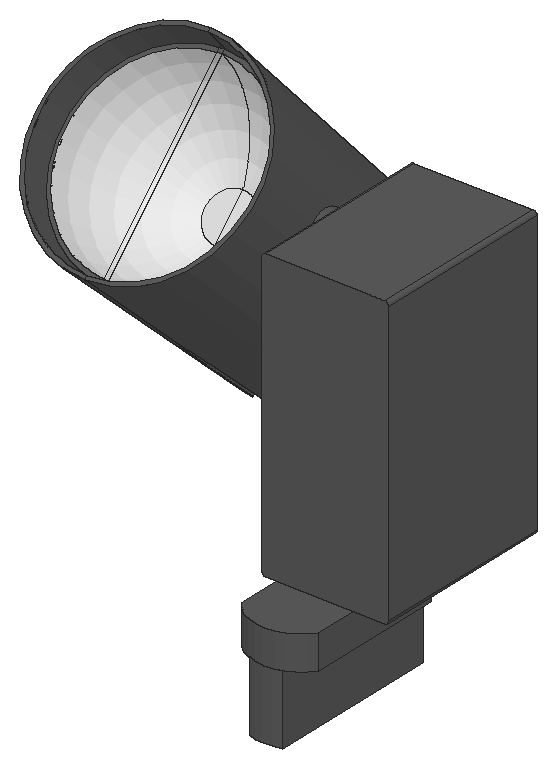
Revit family "0004947 Feilo Sylvania Lighting Fixture START TRACK SPOT S DALI 1359LM 940 MB BLK", category Lighting Fixtures, host Face, Revit 2017
Family settings
  Host = Face
  Round Connector Dimension = Use Diameter
  Part Type = Normal
  OmniClass Number = 23.80.70.00
  OmniClass Title = Lighting
  Cut with Voids When Loaded = No
  Light Source = No
  Shared = No
  Room Calculation Point = No
Parameters (values of type "0004947 START TRACK SPOT S DALI 1359LM 940 MB BLK")
  Weight = "0.94 kg"
  Wattage Comments = ""
  WarrantyStartDate [instance] = "n/a"
  WarrantyGuarantorParts = "n/a"
  WarrantyDurationUnit = "n/a"
  WarrantyDurationParts = "n/a"
  WarrantyDescription = "n/a"
  Voltage = 230 V
  URL = "http://www.sylvania-lighting.com/"
  TypeName = "START TRACK SPOT S DALI 1359LM 940 MB BLK"
  TypeHead_FEILO = Start Track Spot Head : 0004896 START TRACK SPOT S 14W 4K RA90 MB BLACK
  TypeBox_FEILO = Start Track Spot Box : Type Small Black
  Type Image = <None>
  Type Comments = "n/a"
  VerticalRotation_FEILO [instance] = 0.00°
  SlideEndAngle_FEILO [instance] = VerticalRotation_FEILO + 180.00°  # 180.00°
  SerialNumber [instance] = "n/a"
  Material_3_FEILO = none
  PowerFactor = 0.92
  PowerConsumption = "14 W"
  NominalLength = 0 mm
  NominalHeight = 200 mm
  NominalDepth = 140 mm
  Name = "START TRACK SPOT S DALI 1359LM 940 MB BLK"
  ModelReference = Name  # "START TRACK SPOT S DALI 1359LM 940 MB BLK"
  ModelNumber = "0004947"
  Model = Name  # "START TRACK SPOT S DALI 1359LM 940 MB BLK"
  Material = "adc12 aluminium housing, polycarbonate diffuser"
  ManufacturerName = "Feilo Sylvania"
  Manufacturer = "Feilo Sylvania"
  LuminousEfficacy = "97 lm/W"
  LuminaireType = ""
  LightOutputRatio = "100"
  LampsType = Lamp  # "LED"
  LampNominalLuminous = "1359 lm"
  LampMacAdamStep = "3"
  LampColourTemperature = "4000 K"
  LampColourRenderingIndex = "90"
  Lamp = "LED"
  Keynote = "16500"
  InstallationDate [instance] = "n/a"
  InputVoltage = "230-240V~"
  InputNominalFrequency = "50/60 Hz"
  IngressProtection = "IP20"
  ImpactProtectionIndex = "IK02"
  IfcExportType = "IfcLightFixtureType"
  IfcExportAs = "IfcLightFixtureType"
  HorizontalRotation_FEILO [instance] = 45.00°
  ExpectedLife = 50000
  ElectricShockClassification = "Class II"
  DurationUnit = "hours"
  DocumentationLiterature = "http://www.sylvania-lighting.com/product/en-int/products/0004896"
  DimmingControlOptions = "Dimmable"
  Material_2_FEILO = none
  Description = "Integrated LED spotlight, Textured Black - RAL9005, compact and minimalist design, ideal for retail applications, die-cast aluminium body, passive cooling heatsink. Beam angle: 36°, color temperature: 4000K , total system power: 14W, total fixture output: 1359 lm, LOR: 100%, colour rendering: Ra: 90 typical, LED Chromaticity: 3 step MacAdam ellipse, lifetime: >50000 hours at L70B50, energy class: A++, A+, A, IR/UV free light source without heat radiation, operating voltage: 220-240V / 50-60Hz, drive current: 350mA, electronic driver, non-dimmable, power factor: 0.92, electrical protection: Class II, Global Track 3 Phase adapter suitable for Global trac 3-circuit tracks, ingress protection rating: IP20, suitable for internal environment only, horizontal rotation: 355°, vertical tilt: 90°, dimensions: Ø86x140x200, weight: 0.940kg."
  Default Elevation = 1219.2 mm
  CreatedOn = "04/26/2018"
  CreatedBy = ""
  Cost = 0
  built-in parameter 1114216 [instance] = (empty or 0)
  ClassificationValue = "EF_70_80"
  ClassificationName = "Uniclass2015"
  Material_1_FEILO = Body-Sylvania-StartTrackSpot-Black
  BarCode [instance] = "n/a"
  AssetType = "Fixed"
  AssetIdentifier [instance] = "n/a"
  Assembly Code = "D5020200"
  Apparent Load = 14 VA
  Material_4_FEILO = none
Reference planes
  plane 1 "Center (Front/Back)": y = 0
  plane 2: z = 0
  plane 3 "Center (Left/Right)": x = 0
  plane 4: x = 15
  plane 5: x = -15
  plane 6: y = 35
  plane 7: y = -35
  plane 8: z = 13
  plane 9: z = -27
  plane 10: x = 6.5
  plane 11: x = -6.5
  plane 12: y = 27
  plane 13: y = -27
  plane 14: y = 20
Forms (mm)
  Extrusion 1, solid, material "Body-Sylvania-StartTrackSpot-Black" <- "Material_1_FEILO"
    sketch origin (0, 0, 0) x (1, 0, 0) y (0, 1, 0)
      loop
        line (-15, 27) -> (-15, -27)
        arc (-15, -27) -> (0, -35) -> (15, -27) r 18.062
        line (15, -27) -> (15, 27)
        arc (15, 27) -> (0, 35) -> (-15, 27) r 18.062
    from 0 to 13
  Extrusion 2, solid, material "Body-Sylvania-StartTrackSpot-Black" <- "Material_1_FEILO"
    sketch origin (0, 0, 0) x (1, 0, 0) y (0, 1, 0)
      loop
        arc (6.5, 33.79) -> (0, 35) -> (-6.5, 33.79) r 18.062
        line (-6.5, 33.79) -> (-6.5, -33.79)
        arc (-6.5, -33.79) -> (0, -35) -> (6.5, -33.79) r 18.062
        line (6.5, -33.79) -> (6.5, 33.79)
    from 0 to -27
  Revolve 3, solid, not visible
    sketch origin (1524, 20, 1219.2) x (1, 0, 0) y (0, 0, 1)
      loop
        line (-1524, -1206.2) -> (-1524, -1191.285) -> (-1530.5, -1191.285) -> (-1530.5, -1206.2) -> (-1524, -1206.2)
      axis (-1524, -1191.285) -> (-1524, -1206.2)
    angle from 0 <- "VerticalRotation_FEILO" to 180 <- "SlideEndAngle_FEILO"
Cuts and joins
  joined: Extrusion 1, Extrusion 2
Dimensions and locks
  equal spacing: plane 10, plane 3 "Center (Left/Right)", plane 11
  equal spacing: plane 4, plane 3 "Center (Left/Right)", plane 5
  locked: plane 8 to plane 2 at 13
  locked: plane 8 to plane 9 at 40
  equal spacing: plane 13, plane 1 "Center (Front/Back)", plane 12
  locked: plane 12 to plane 6 at 8
  locked: plane 14 to plane 6 at 15
  locked: Revolve 3 sketch curve to plane 8 at 14.915
  aligned and locked: plane 2 to host face
  aligned and locked: level to host face
  aligned and locked: plane 5 to Extrusion 1 sketch curve  (x2)
  aligned and locked: plane 12 to Extrusion 1 sketch curve
  aligned and locked: plane 13 to Extrusion 1 sketch curve
  aligned and locked: plane 4 to Extrusion 1 sketch curve
  aligned and locked: Extrusion 1 to plane 8
  aligned and locked: Extrusion 1 to level
  aligned and locked: Extrusion 2 sketch curve to Extrusion 1  (x2)
  aligned and locked: Extrusion 2 sketch curve to plane 11
  aligned and locked: plane 10 to Extrusion 2 sketch curve
  aligned and locked: plane 9 to Extrusion 2
  aligned and locked: level to Extrusion 2
  aligned and locked: Revolve 3 sketch curve to plane 3 "Center (Left/Right)"  (x2)
  aligned and locked: plane 11 to Revolve 3 sketch curve
  aligned and locked: Revolve 3 sketch curve to plane 8
Automatic sketch dimensions
  host sketch curve to host sketch curve = 2438.4 mm  (x2)
  Extrusion 1 sketch curve to plane 3 "Center (Left/Right)" = 0 mm  (x2)
  Extrusion 1 sketch curve to plane 13 = 10.062 mm
  plane 12 to Extrusion 1 sketch curve = 10.062 mm
  Revolve 3 sketch curve to plane 3 "Center (Left/Right)" = 0 mm
  plane 9 to Revolve 3 sketch curve = 582.6 mm
  Revolve 3 sketch curve to Revolve 3 sketch curve = 2581.144 mm
Nested families
  nested 1: "Start Track Spot Head" at (-62, 20, 112.529) x (0, 0.7071, 0.7071) z (0, 0.7071, -0.7071), type <- "TypeHead_FEILO", type "0004896 START TRACK SPOT S 14W 4K RA90 MB BLACK"
    with built-in parameter 1114216 (empty or 0)
  nested 2: "Start Track Spot Box" at (8.5, 20, 73) x (-1, 0, 0) z (0, -1, 0), BoxStartAngle_FEILO <- "HorizontalRotation_FEILO", type <- "TypeBox_FEILO", type "Type Small Black"
    with BoxStartAngle_FEILO 45.00°, BoxEndAngle_FEILO -135.00°
Connectors
  electrical at (0, 0, 0), driven by "Apparent Load", driven by "PowerFactor", driven by "Voltage"
    settings: index 1, voltage 230 V, apparent load 14 VA, apparent load phase1 0 VA, apparent load phase2 0 VA, apparent load phase3 0 VA, power factor 0.92, load classification "Lighting", number of poles 1, system type 30, power factor state 1, is connector primary yes, connector utility no, sub classification motor no, connector description ""
Definition of nested family "Start Track Spot Head"
  Parameters (values of type "0004811 START TRACK SPOT S 14W 3K RA80 NB WHITE")
    Wattage Comments = "n/a"
    Wattage = 14 W
    built-in parameter 1150110 = 1 (stored number, unit not read)
    URL = "http://www.feilosylvania.com"
    Type Image = (empty or 0)
    Type Comments = "n/a"
    built-in parameter 1114217 = 1 (stored number, unit not read)
    Tilt Angle = -90.00°
    built-in parameter 1150109 = 1 (stored number, unit not read)
    built-in parameter 1150134 = (empty or 0)
    built-in parameter 1150113 = 1 (stored number, unit not read)
    Photometric Web File = "0004811.ies"
    Material_3_FEILO = none
    Model = "START TRACK SPOT S 14W 3K RA80 NB WHITE"
    Manufacturer = "Feilo Sylvania"
    built-in parameter 1150105 = 123.66 (stored number, unit not read)
    Lumens = 1554 lm
    built-in parameter 1150115 = 1 (stored number, unit not read)
    built-in parameter 1150137 = (empty or 0)
    built-in parameter 1150139 = (empty or 0)
    built-in parameter 1150112 = 1 (stored number, unit not read)
    built-in parameter 1150114 = 1 (stored number, unit not read)
    Lamp = "LED"
    Keynote = "16500"
    Material_2_FEILO = none
    built-in parameter 1150132 = (empty or 0)
    built-in parameter 1150102 = (empty or 0)
    built-in parameter 1150107 = 3000 (stored number, unit not read)
    built-in parameter 1150138 = (empty or 0)
    built-in parameter 1150106 = 1.2366 (stored number, unit not read)
    HeadThickness_FEILO = if(HeadDiaOut_FEILO > 112 mm, 2 mm, 1.5 mm)  # 1.5 mm
    HeadRibOffset_FEILO = HeadHeight_FEILO / 28  # 4.179 mm
    HeadRibDepth_FEILO = HeadHeight_FEILO / 2.1  # 55.714 mm
    HeadRibCutWidth_FEILO = HeadDiaOut_FEILO / 12  # 7.167 mm
    HeadRibCutOffset_FEILO = HeadHeight_FEILO / 2.3  # 50.87 mm
    HeadReflectorRadius_FEILO = HeadDiaOut_FEILO / 1.7  # 50.588 mm
    HeadReflectorOffset_FEILO = HeadHeight_FEILO / 2.1  # 55.714 mm
    HeadLEDRadius_FEILO = HeadDiaOut_FEILO / 9  # 9.556 mm
    HeadHeight_FEILO = 117 mm
    HeadDraft_FEILO = 1 mm
    HeadDiffusorThickness_FEILO = 3 mm
    HeadDiffusorOffset_FEILO = HeadHeight_FEILO / 12.4  # 9.435 mm
    HeadDiaOut_FEILO = 86 mm
    HeadDiaIn_FEILO = HeadDiaOut_FEILO / 1.11  # 77.477 mm
    HeadAxisFromTop_FEILO = HeadHeight_FEILO / 1.687  # 69.354 mm
    Emit from Circle Diameter = HeadDiaIn_FEILO  # 77.477 mm
    Emit Shape Visible in Rendering = no
    built-in parameter 1150104 = 10.312 (stored number, unit not read)
    Dimming Lamp Color Temperature Shift = (empty or 0)
    Description = "Integrated LED spotlight, Textured White - RAL9016, compact and minimalist design, ideal for retail applications, die-cast aluminium body, passive cooling heatsink. Beam angle: 12°, color temperature: 3000K , total system power: 14W, total fixture output: 1551 lm, LOR: 100%, colour rendering: Ra: 80 typical, LED Chromaticity: 3 step MacAdam ellipse, lifetime: >50000 hours at L70B50, energy class: A++, A+, A, IR/UV free light source without heat radiation, operating voltage: 220-240V / 50-60Hz, drive current: 350mA, electronic driver, non-dimmable, power factor: 0.92, electrical protection: Class II, Global Track 3 Phase adapter suitable for Global trac 3-circuit tracks, ingress protection rating: IP20, suitable for internal environment only, horizontal rotation: 355°, vertical tilt: 90°, dimensions: Ø86x140x200, weight: 0.940kg."
    Default Elevation = 1219.2 mm
    Cost = 0
    Color Filter = 16777215
    built-in parameter 1114216 [instance] = (empty or 0)
    Material_1_FEILO = none
    built-in parameter 1114218 = 1 (stored number, unit not read)
    built-in parameter 1150133 = 10 (stored number, unit not read)
    Assembly Code = "D5020200"
    Apparent Load = 14 VA
    Material_4_FEILO = none
  Types (96, lengths in mm): name | Wattage | built-in parameter 1150134 | Photometric Web File | Model | built-in parameter 1150105 | Lumens | built-in parameter 1150107 | built-in parameter 1150106 | HeadThickness_FEILO | HeadRibOffset_FEILO | HeadRibDepth_FEILO | HeadRibCutWidth_FEILO | HeadRibCutOffset_FEILO | HeadReflectorRadius_FEILO | HeadReflectorOffset_FEILO | HeadLEDRadius_FEILO | HeadHeight_FEILO | HeadDiffusorOffset_FEILO | HeadDiaOut_FEILO | HeadDiaIn_FEILO | HeadAxisFromTop_FEILO | Emit from Circle Diameter | built-in parameter 1150104 | Description | Apparent Load
    0004906 START TRACK SPOT L 55W 4K RA90 WB BLACK | 55 W | 12 | "0004906.ies" | "START TRACK SPOT L 55W 4K RA90 WB BLACK" | 385.15 (stored number, unit not read) | 4840 lm | 4000 (stored number, unit not read) | 3.8515 (stored number, unit not read) | 2 | 4.429 | 59.048 | 9.417 | 53.913 | 66.471 | 59.048 | 12.556 | 124 | 10 | 113 | 101.802 | 73.503 | 101.802 | 8.1755 (stored number, unit not read) | "Integrated LED spotlight, Textured Black - RAL9005, compact and minimalist design, ideal for retail applications, die-cast aluminium body, passive cooling heatsink. Beam angle: 52°, color temperature: 4000K , total system power: 55W, total fixture output: 4824 lm, LOR: 100%, colour rendering: Ra: 90 typical, LED Chromaticity: 3 step MacAdam ellipse, lifetime: >50000 hours at L70B50, energy class: A++, A+, A, IR/UV free light source without heat radiation, operating voltage: 220-240V / 50-60Hz, drive current: 1400mA, electronic driver, non-dimmable, power factor: 0.96, electrical protection: Class II, Global Track 3 Phase adapter suitable for Global trac 3-circuit tracks, ingress protection rating: IP20, suitable for internal environment only, horizontal rotation: 355°, vertical tilt: 90°, dimensions: Ø113x164x240, weight: 1.398kg." | 55 VA
    0004905 START TRACK SPOT L 55W 4K RA90 MB BLACK | 55 W | 12 | "0004905.ies" | "START TRACK SPOT L 55W 4K RA90 MB BLACK" | 389.53 (stored number, unit not read) | 4895 lm | 4000 (stored number, unit not read) | 3.8953 (stored number, unit not read) | 2 | 4.429 | 59.048 | 9.417 | 53.913 | 66.471 | 59.048 | 12.556 | 124 | 10 | 113 | 101.802 | 73.503 | 101.802 | 8.2684 (stored number, unit not read) | "Integrated LED spotlight, Textured Black - RAL9005, compact and minimalist design, ideal for retail applications, die-cast aluminium body, passive cooling heatsink. Beam angle: 38°, color temperature: 4000K , total system power: 55W, total fixture output: 4897 lm, LOR: 100%, colour rendering: Ra: 90 typical, LED Chromaticity: 3 step MacAdam ellipse, lifetime: >50000 hours at L70B50, energy class: A++, A+, A, IR/UV free light source without heat radiation, operating voltage: 220-240V / 50-60Hz, drive current: 1400mA, electronic driver, non-dimmable, power factor: 0.96, electrical protection: Class II, Global Track 3 Phase adapter suitable for Global trac 3-circuit tracks, ingress protection rating: IP20, suitable for internal environment only, horizontal rotation: 355°, vertical tilt: 90°, dimensions: Ø113x164x240, weight: 1.398kg." | 55 VA
    0004904 START TRACK SPOT L 55W 4K RA90 NB BLACK | 55 W | 12 | "0004904.ies" | "START TRACK SPOT L 55W 4K RA90 NB BLACK" | 393.91 (stored number, unit not read) | 4950 lm | 4000 (stored number, unit not read) | 3.9391 (stored number, unit not read) | 2 | 4.429 | 59.048 | 9.417 | 53.913 | 66.471 | 59.048 | 12.556 | 124 | 10 | 113 | 101.802 | 73.503 | 101.802 | 8.3613 (stored number, unit not read) | "Integrated LED spotlight, Textured Black - RAL9005, compact and minimalist design, ideal for retail applications, die-cast aluminium body, passive cooling heatsink. Beam angle: 15°, color temperature: 4000K , total system power: 55W, total fixture output: 4965 lm, LOR: 100%, colour rendering: Ra: 90 typical, LED Chromaticity: 3 step MacAdam ellipse, lifetime: >50000 hours at L70B50, energy class: A++, A+, A, IR/UV free light source without heat radiation, operating voltage: 220-240V / 50-60Hz, drive current: 1400mA, electronic driver, non-dimmable, power factor: 0.96, electrical protection: Class II, Global Track 3 Phase adapter suitable for Global trac 3-circuit tracks, ingress protection rating: IP20, suitable for internal environment only, horizontal rotation: 355°, vertical tilt: 90°, dimensions: Ø113x164x240, weight: 1.398kg." | 55 VA
    0004903 START TRACK SPOT L 35W 4K RA90 WB BLACK | 35 W | 12 | "0004903.ies" | "START TRACK SPOT L 35W 4K RA90 WB BLACK" | 284.09 (stored number, unit not read) | 3570 lm | 4000 (stored number, unit not read) | 2.8409 (stored number, unit not read) | 2 | 4.429 | 59.048 | 9.417 | 53.913 | 66.471 | 59.048 | 12.556 | 124 | 10 | 113 | 101.802 | 73.503 | 101.802 | 9.4761 (stored number, unit not read) | "Integrated LED spotlight, Textured Black - RAL9005, compact and minimalist design, ideal for retail applications, die-cast aluminium body, passive cooling heatsink. Beam angle: 52°, color temperature: 4000K , total system power: 35W, total fixture output: 3562 lm, LOR: 100%, colour rendering: Ra: 90 typical, LED Chromaticity: 3 step MacAdam ellipse, lifetime: >50000 hours at L70B50, energy class: A++, A+, A, IR/UV free light source without heat radiation, operating voltage: 220-240V / 50-60Hz, drive current: 900mA, electronic driver, non-dimmable, power factor: 0.93, electrical protection: Class II, Global Track 3 Phase adapter suitable for Global trac 3-circuit tracks, ingress protection rating: IP20, suitable for internal environment only, horizontal rotation: 355°, vertical tilt: 90°, dimensions: Ø113x164x240, weight: 1.368kg." | 35 VA
    0004902 START TRACK SPOT L 35W 4K RA90 MB BLACK | 35 W | 12 | "0004902.ies" | "START TRACK SPOT L 35W 4K RA90 MB BLACK" | 286.88 (stored number, unit not read) | 3605 lm | 4000 (stored number, unit not read) | 2.8688 (stored number, unit not read) | 2 | 4.429 | 59.048 | 9.417 | 53.913 | 66.471 | 59.048 | 12.556 | 124 | 10 | 113 | 101.802 | 73.503 | 101.802 | 9.569 (stored number, unit not read) | "Integrated LED spotlight, Textured Black - RAL9005, compact and minimalist design, ideal for retail applications, die-cast aluminium body, passive cooling heatsink. Beam angle: 38°, color temperature: 4000K , total system power: 35W, total fixture output: 3616 lm, LOR: 100%, colour rendering: Ra: 90 typical, LED Chromaticity: 3 step MacAdam ellipse, lifetime: >50000 hours at L70B50, energy class: A++, A+, A, IR/UV free light source without heat radiation, operating voltage: 220-240V / 50-60Hz, drive current: 900mA, electronic driver, non-dimmable, power factor: 0.93, electrical protection: Class II, Global Track 3 Phase adapter suitable for Global trac 3-circuit tracks, ingress protection rating: IP20, suitable for internal environment only, horizontal rotation: 355°, vertical tilt: 90°, dimensions: Ø113x164x240, weight: 1.368kg." | 35 VA
    0004901 START TRACK SPOT L 35W 4K RA90 NB BLACK | 35 W | 12 | "0004901.ies" | "START TRACK SPOT L 35W 4K RA90 NB BLACK" | 286.88 (stored number, unit not read) | 3605 lm | 4000 (stored number, unit not read) | 2.8688 (stored number, unit not read) | 2 | 4.429 | 59.048 | 9.417 | 53.913 | 66.471 | 59.048 | 12.556 | 124 | 10 | 113 | 101.802 | 73.503 | 101.802 | 9.569 (stored number, unit not read) | "Integrated LED spotlight, Textured Black - RAL9005, compact and minimalist design, ideal for retail applications, die-cast aluminium body, passive cooling heatsink. Beam angle: 15°, color temperature: 4000K , total system power: 35W, total fixture output: 3593 lm, LOR: 100%, colour rendering: Ra: 90 typical, LED Chromaticity: 3 step MacAdam ellipse, lifetime: >50000 hours at L70B50, energy class: A++, A+, A, IR/UV free light source without heat radiation, operating voltage: 220-240V / 50-60Hz, drive current: 900mA, electronic driver, non-dimmable, power factor: 0.93, electrical protection: Class II, Global Track 3 Phase adapter suitable for Global trac 3-circuit tracks, ingress protection rating: IP20, suitable for internal environment only, horizontal rotation: 355°, vertical tilt: 90°, dimensions: Ø113x164x240, weight: 1.368kg." | 35 VA
    0004900 START TRACK SPOT S 24W 4K RA90 WB BLACK | 24 W | 12 | "0004900.ies" | "START TRACK SPOT S 24W 4K RA90 WB BLACK" | 166.16 (stored number, unit not read) | 2088 lm | 4000 (stored number, unit not read) | 1.6616 (stored number, unit not read) | 1.5 | 4.179 | 55.714 | 7.167 | 50.87 | 50.588 | 55.714 | 9.556 | 117 | 9.435 | 86 | 77.477 | 69.354 | 77.477 | 8.0826 (stored number, unit not read) | "Integrated LED spotlight, Textured Black - RAL9005, compact and minimalist design, ideal for retail applications, die-cast aluminium body, passive cooling heatsink. Beam angle: 64°, color temperature: 4000K , total system power: 24W, total fixture output: 2087 lm, LOR: 100%, colour rendering: Ra: 90 typical, LED Chromaticity: 3 step MacAdam ellipse, lifetime: >50000 hours at L70B50, energy class: A++, A+, A, IR/UV free light source without heat radiation, operating voltage: 220-240V / 50-60Hz, drive current: 600mA, electronic driver, non-dimmable, power factor: 0.95, electrical protection: Class II, Global Track 3 Phase adapter suitable for Global trac 3-circuit tracks, ingress protection rating: IP20, suitable for internal environment only, horizontal rotation: 355°, vertical tilt: 90°, dimensions: Ø86x140x200, weight: 0.966kg." | 24 VA
    0004899 START TRACK SPOT S 24W 4K RA90 MB BLACK | 24 W | 12 | "0004899.ies" | "START TRACK SPOT S 24W 4K RA90 MB BLACK" | 169.98 (stored number, unit not read) | 2136 lm | 4000 (stored number, unit not read) | 1.6998 (stored number, unit not read) | 1.5 | 4.179 | 55.714 | 7.167 | 50.87 | 50.588 | 55.714 | 9.556 | 117 | 9.435 | 86 | 77.477 | 69.354 | 77.477 | 8.2684 (stored number, unit not read) | "Integrated LED spotlight, Textured Black - RAL9005, compact and minimalist design, ideal for retail applications, die-cast aluminium body, passive cooling heatsink. Beam angle: 36°, color temperature: 4000K , total system power: 24W, total fixture output: 2141 lm, LOR: 100%, colour rendering: Ra: 90 typical, LED Chromaticity: 3 step MacAdam ellipse, lifetime: >50000 hours at L70B50, energy class: A++, A+, A, IR/UV free light source without heat radiation, operating voltage: 220-240V / 50-60Hz, drive current: 600mA, electronic driver, non-dimmable, power factor: 0.95, electrical protection: Class II, Global Track 3 Phase adapter suitable for Global trac 3-circuit tracks, ingress protection rating: IP20, suitable for internal environment only, horizontal rotation: 355°, vertical tilt: 90°, dimensions: Ø86x140x200, weight: 0.966kg." | 24 VA
    0004898 START TRACK SPOT S 24W 4K RA90 NB BLACK | 24 W | 12 | "0004898.ies" | "START TRACK SPOT S 24W 4K RA90 NB BLACK" | 171.89 (stored number, unit not read) | 2160 lm | 4000 (stored number, unit not read) | 1.7189 (stored number, unit not read) | 1.5 | 4.179 | 55.714 | 7.167 | 50.87 | 50.588 | 55.714 | 9.556 | 117 | 9.435 | 86 | 77.477 | 69.354 | 77.477 | 8.3613 (stored number, unit not read) | "Integrated LED spotlight, Textured Black - RAL9005, compact and minimalist design, ideal for retail applications, die-cast aluminium body, passive cooling heatsink. Beam angle: 12°, color temperature: 4000K , total system power: 24W, total fixture output: 2155 lm, LOR: 100%, colour rendering: Ra: 90 typical, LED Chromaticity: 3 step MacAdam ellipse, lifetime: >50000 hours at L70B50, energy class: A++, A+, A, IR/UV free light source without heat radiation, operating voltage: 220-240V / 50-60Hz, drive current: 600mA, electronic driver, non-dimmable, power factor: 0.95, electrical protection: Class II, Global Track 3 Phase adapter suitable for Global trac 3-circuit tracks, ingress protection rating: IP20, suitable for internal environment only, horizontal rotation: 355°, vertical tilt: 90°, dimensions: Ø86x140x200, weight: 0.966kg." | 24 VA
    0004897 START TRACK SPOT S 14W 4K RA90 WB BLACK | 14 W | 12 | "0004897.ies" | "START TRACK SPOT S 14W 4K RA90 WB BLACK" | 108.07 (stored number, unit not read) | 1358 lm | 4000 (stored number, unit not read) | 1.0807 (stored number, unit not read) | 1.5 | 4.179 | 55.714 | 7.167 | 50.87 | 50.588 | 55.714 | 9.556 | 117 | 9.435 | 86 | 77.477 | 69.354 | 77.477 | 9.0116 (stored number, unit not read) | "Integrated LED spotlight, Textured Black - RAL9005, compact and minimalist design, ideal for retail applications, die-cast aluminium body, passive cooling heatsink. Beam angle: 64°, color temperature: 4000K , total system power: 14W, total fixture output: 1352 lm, LOR: 100%, colour rendering: Ra: 90 typical, LED Chromaticity: 3 step MacAdam ellipse, lifetime: >50000 hours at L70B50, energy class: A++, A+, A, IR/UV free light source without heat radiation, operating voltage: 220-240V / 50-60Hz, drive current: 350mA, electronic driver, non-dimmable, power factor: 0.92, electrical protection: Class II, Global Track 3 Phase adapter suitable for Global trac 3-circuit tracks, ingress protection rating: IP20, suitable for internal environment only, horizontal rotation: 355°, vertical tilt: 90°, dimensions: Ø86x140x200, weight: 0.940kg." | 14 VA
    0004896 START TRACK SPOT S 14W 4K RA90 MB BLACK | 14 W | 12 | "0004896.ies" | "START TRACK SPOT S 14W 4K RA90 MB BLACK" | 108.07 (stored number, unit not read) | 1358 lm | 4000 (stored number, unit not read) | 1.0807 (stored number, unit not read) | 1.5 | 4.179 | 55.714 | 7.167 | 50.87 | 50.588 | 55.714 | 9.556 | 117 | 9.435 | 86 | 77.477 | 69.354 | 77.477 | 9.0116 (stored number, unit not read) | "Integrated LED spotlight, Textured Black - RAL9005, compact and minimalist design, ideal for retail applications, die-cast aluminium body, passive cooling heatsink. Beam angle: 36°, color temperature: 4000K , total system power: 14W, total fixture output: 1359 lm, LOR: 100%, colour rendering: Ra: 90 typical, LED Chromaticity: 3 step MacAdam ellipse, lifetime: >50000 hours at L70B50, energy class: A++, A+, A, IR/UV free light source without heat radiation, operating voltage: 220-240V / 50-60Hz, drive current: 350mA, electronic driver, non-dimmable, power factor: 0.92, electrical protection: Class II, Global Track 3 Phase adapter suitable for Global trac 3-circuit tracks, ingress protection rating: IP20, suitable for internal environment only, horizontal rotation: 355°, vertical tilt: 90°, dimensions: Ø86x140x200, weight: 0.940kg." | 14 VA
    0004895 START TRACK SPOT S 14W 4K RA90 NB BLACK | 14 W | 12 | "0004895.ies" | "START TRACK SPOT S 14W 4K RA90 NB BLACK" | 106.95 (stored number, unit not read) | 1344 lm | 4000 (stored number, unit not read) | 1.0695 (stored number, unit not read) | 1.5 | 4.179 | 55.714 | 7.167 | 50.87 | 50.588 | 55.714 | 9.556 | 117 | 9.435 | 86 | 77.477 | 69.354 | 77.477 | 8.9187 (stored number, unit not read) | "Integrated LED spotlight, Textured Black - RAL9005, compact and minimalist design, ideal for retail applications, die-cast aluminium body, passive cooling heatsink. Beam angle: 12°, color temperature: 4000K , total system power: 14W, total fixture output: 1349 lm, LOR: 100%, colour rendering: Ra: 90 typical, LED Chromaticity: 3 step MacAdam ellipse, lifetime: >50000 hours at L70B50, energy class: A++, A+, A, IR/UV free light source without heat radiation, operating voltage: 220-240V / 50-60Hz, drive current: 350mA, electronic driver, non-dimmable, power factor: 0.92, electrical protection: Class II, Global Track 3 Phase adapter suitable for Global trac 3-circuit tracks, ingress protection rating: IP20, suitable for internal environment only, horizontal rotation: 355°, vertical tilt: 90°, dimensions: Ø86x140x200, weight: 0.940kg." | 14 VA
    0004894 START TRACK SPOT L 55W 3K RA90 WB BLACK | 55 W | (empty or 0) | "0004894.ies" | "START TRACK SPOT L 55W 3K RA90 WB BLACK" | 350.14 (stored number, unit not read) | 4400 lm | 3000 (stored number, unit not read) | 3.5014 (stored number, unit not read) | 2 | 4.429 | 59.048 | 9.417 | 53.913 | 66.471 | 59.048 | 12.556 | 124 | 10 | 113 | 101.802 | 73.503 | 101.802 | 7.4322 (stored number, unit not read) | "Integrated LED spotlight, Textured Black - RAL9005, compact and minimalist design, ideal for retail applications, die-cast aluminium body, passive cooling heatsink. Beam angle: 52°, color temperature: 3000K , total system power: 55W, total fixture output: 4405 lm, LOR: 100%, colour rendering: Ra: 90 typical, LED Chromaticity: 3 step MacAdam ellipse, lifetime: >50000 hours at L70B50, energy class: A++, A+, A, IR/UV free light source without heat radiation, operating voltage: 220-240V / 50-60Hz, drive current: 1400mA, electronic driver, non-dimmable, power factor: 0.96, electrical protection: Class II, Global Track 3 Phase adapter suitable for Global trac 3-circuit tracks, ingress protection rating: IP20, suitable for internal environment only, horizontal rotation: 355°, vertical tilt: 90°, dimensions: Ø113x164x240, weight: 1.398kg." | 55 VA
    0004893 START TRACK SPOT L 55W 3K RA90 MB BLACK | 55 W | (empty or 0) | "0004893.ies" | "START TRACK SPOT L 55W 3K RA90 MB BLACK" | 354.52 (stored number, unit not read) | 4455 lm | 3000 (stored number, unit not read) | 3.5452 (stored number, unit not read) | 2 | 4.429 | 59.048 | 9.417 | 53.913 | 66.471 | 59.048 | 12.556 | 124 | 10 | 113 | 101.802 | 73.503 | 101.802 | 7.5251 (stored number, unit not read) | "Integrated LED spotlight, Textured Black - RAL9005, compact and minimalist design, ideal for retail applications, die-cast aluminium body, passive cooling heatsink. Beam angle: 38°, color temperature: 3000K , total system power: 55W, total fixture output: 4448 lm, LOR: 100%, colour rendering: Ra: 90 typical, LED Chromaticity: 3 step MacAdam ellipse, lifetime: >50000 hours at L70B50, energy class: A++, A+, A, IR/UV free light source without heat radiation, operating voltage: 220-240V / 50-60Hz, drive current: 1400mA, electronic driver, non-dimmable, power factor: 0.96, electrical protection: Class II, Global Track 3 Phase adapter suitable for Global trac 3-circuit tracks, ingress protection rating: IP20, suitable for internal environment only, horizontal rotation: 355°, vertical tilt: 90°, dimensions: Ø113x164x240, weight: 1.398kg." | 55 VA
    0004892 START TRACK SPOT L 55W 3K RA90 NB BLACK | 55 W | (empty or 0) | "0004892.ies" | "START TRACK SPOT L 55W 3K RA90 NB BLACK" | 350.14 (stored number, unit not read) | 4400 lm | 3000 (stored number, unit not read) | 3.5014 (stored number, unit not read) | 2 | 4.429 | 59.048 | 9.417 | 53.913 | 66.471 | 59.048 | 12.556 | 124 | 10 | 113 | 101.802 | 73.503 | 101.802 | 7.4322 (stored number, unit not read) | "Integrated LED spotlight, Textured Black - RAL9005, compact and minimalist design, ideal for retail applications, die-cast aluminium body, passive cooling heatsink. Beam angle: 15°, color temperature: 3000K , total system power: 55W, total fixture output: 4416 lm, LOR: 100%, colour rendering: Ra: 90 typical, LED Chromaticity: 3 step MacAdam ellipse, lifetime: >50000 hours at L70B50, energy class: A++, A+, A, IR/UV free light source without heat radiation, operating voltage: 220-240V / 50-60Hz, drive current: 1400mA, electronic driver, non-dimmable, power factor: 0.96, electrical protection: Class II, Global Track 3 Phase adapter suitable for Global trac 3-circuit tracks, ingress protection rating: IP20, suitable for internal environment only, horizontal rotation: 355°, vertical tilt: 90°, dimensions: Ø113x164x240, weight: 1.398kg." | 55 VA
    0004891 START TRACK SPOT L 35W 3K RA90 WB BLACK | 35 W | (empty or 0) | "0004891.ies" | "START TRACK SPOT L 35W 3K RA90 WB BLACK" | 259.02 (stored number, unit not read) | 3255 lm | 3000 (stored number, unit not read) | 2.5902 (stored number, unit not read) | 2 | 4.429 | 59.048 | 9.417 | 53.913 | 66.471 | 59.048 | 12.556 | 124 | 10 | 113 | 101.802 | 73.503 | 101.802 | 8.64 (stored number, unit not read) | "Integrated LED spotlight, Textured Black - RAL9005, compact and minimalist design, ideal for retail applications, die-cast aluminium body, passive cooling heatsink. Beam angle: 52°, color temperature: 3000K , total system power: 35W, total fixture output: 3260 lm, LOR: 100%, colour rendering: Ra: 90 typical, LED Chromaticity: 3 step MacAdam ellipse, lifetime: >50000 hours at L70B50, energy class: A++, A+, A, IR/UV free light source without heat radiation, operating voltage: 220-240V / 50-60Hz, drive current: 900mA, electronic driver, non-dimmable, power factor: 0.93, electrical protection: Class II, Global Track 3 Phase adapter suitable for Global trac 3-circuit tracks, ingress protection rating: IP20, suitable for internal environment only, horizontal rotation: 355°, vertical tilt: 90°, dimensions: Ø113x164x240, weight: 1.368kg." | 35 VA
    0004890 START TRACK SPOT L 35W 3K RA90 MB BLACK | 35 W | (empty or 0) | "0004890.ies" | "START TRACK SPOT L 35W 3K RA90 MB BLACK" | 261.81 (stored number, unit not read) | 3290 lm | 3000 (stored number, unit not read) | 2.6181 (stored number, unit not read) | 2 | 4.429 | 59.048 | 9.417 | 53.913 | 66.471 | 59.048 | 12.556 | 124 | 10 | 113 | 101.802 | 73.503 | 101.802 | 8.7329 (stored number, unit not read) | "Integrated LED spotlight, Textured Black - RAL9005, compact and minimalist design, ideal for retail applications, die-cast aluminium body, passive cooling heatsink. Beam angle: 38°, color temperature: 3000K , total system power: 35W, total fixture output: 3306 lm, LOR: 100%, colour rendering: Ra: 90 typical, LED Chromaticity: 3 step MacAdam ellipse, lifetime: >50000 hours at L70B50, energy class: A++, A+, A, IR/UV free light source without heat radiation, operating voltage: 220-240V / 50-60Hz, drive current: 900mA, electronic driver, non-dimmable, power factor: 0.93, electrical protection: Class II, Global Track 3 Phase adapter suitable for Global trac 3-circuit tracks, ingress protection rating: IP20, suitable for internal environment only, horizontal rotation: 355°, vertical tilt: 90°, dimensions: Ø113x164x240, weight: 1.368kg." | 35 VA
    0004889 START TRACK SPOT L 35W 3K RA90 NB BLACK | 35 W | (empty or 0) | "0004889.ies" | "START TRACK SPOT L 35W 3K RA90 NB BLACK" | 261.81 (stored number, unit not read) | 3290 lm | 3000 (stored number, unit not read) | 2.6181 (stored number, unit not read) | 2 | 4.429 | 59.048 | 9.417 | 53.913 | 66.471 | 59.048 | 12.556 | 124 | 10 | 113 | 101.802 | 73.503 | 101.802 | 8.7329 (stored number, unit not read) | "Integrated LED spotlight, Textured Black - RAL9005, compact and minimalist design, ideal for retail applications, die-cast aluminium body, passive cooling heatsink. Beam angle: 15°, color temperature: 3000K , total system power: 35W, total fixture output: 3287 lm, LOR: 100%, colour rendering: Ra: 90 typical, LED Chromaticity: 3 step MacAdam ellipse, lifetime: >50000 hours at L70B50, energy class: A++, A+, A, IR/UV free light source without heat radiation, operating voltage: 220-240V / 50-60Hz, drive current: 900mA, electronic driver, non-dimmable, power factor: 0.93, electrical protection: Class II, Global Track 3 Phase adapter suitable for Global trac 3-circuit tracks, ingress protection rating: IP20, suitable for internal environment only, horizontal rotation: 355°, vertical tilt: 90°, dimensions: Ø113x164x240, weight: 1.368kg." | 35 VA
    0004888 START TRACK SPOT S 24W 3K RA90 WB BLACK | 24 W | (empty or 0) | "0004888.ies" | "START TRACK SPOT S 24W 3K RA90 WB BLACK" | 152.79 (stored number, unit not read) | 1920 lm | 3000 (stored number, unit not read) | 1.5279 (stored number, unit not read) | 1.5 | 4.179 | 55.714 | 7.167 | 50.87 | 50.588 | 55.714 | 9.556 | 117 | 9.435 | 86 | 77.477 | 69.354 | 77.477 | 7.4322 (stored number, unit not read) | "Integrated LED spotlight, Textured Black - RAL9005, compact and minimalist design, ideal for retail applications, die-cast aluminium body, passive cooling heatsink. Beam angle: 64°, color temperature: 3000K , total system power: 24W, total fixture output: 1928 lm, LOR: 100%, colour rendering: Ra: 90 typical, LED Chromaticity: 3 step MacAdam ellipse, lifetime: >50000 hours at L70B50, energy class: A++, A+, A, IR/UV free light source without heat radiation, operating voltage: 220-240V / 50-60Hz, drive current: 600mA, electronic driver, non-dimmable, power factor: 0.95, electrical protection: Class II, Global Track 3 Phase adapter suitable for Global trac 3-circuit tracks, ingress protection rating: IP20, suitable for internal environment only, horizontal rotation: 355°, vertical tilt: 90°, dimensions: Ø86x140x200, weight: 0.966kg." | 24 VA
    0004887 START TRACK SPOT S 24W 3K RA90 MB BLACK | 24 W | (empty or 0) | "0004887.ies" | "START TRACK SPOT S 24W 3K RA90 MB BLACK" | 154.7 (stored number, unit not read) | 1944 lm | 3000 (stored number, unit not read) | 1.547 (stored number, unit not read) | 1.5 | 4.179 | 55.714 | 7.167 | 50.87 | 50.588 | 55.714 | 9.556 | 117 | 9.435 | 86 | 77.477 | 69.354 | 77.477 | 7.5251 (stored number, unit not read) | "Integrated LED spotlight, Textured Black - RAL9005, compact and minimalist design, ideal for retail applications, die-cast aluminium body, passive cooling heatsink. Beam angle: 36°, color temperature: 3000K , total system power: 24W, total fixture output: 1944 lm, LOR: 100%, colour rendering: Ra: 90 typical, LED Chromaticity: 3 step MacAdam ellipse, lifetime: >50000 hours at L70B50, energy class: A++, A+, A, IR/UV free light source without heat radiation, operating voltage: 220-240V / 50-60Hz, drive current: 600mA, electronic driver, non-dimmable, power factor: 0.95, electrical protection: Class II, Global Track 3 Phase adapter suitable for Global trac 3-circuit tracks, ingress protection rating: IP20, suitable for internal environment only, horizontal rotation: 355°, vertical tilt: 90°, dimensions: Ø86x140x200, weight: 0.966kg." | 24 VA
    0004886 START TRACK SPOT S 24W 3K RA90 NB BLACK | 24 W | (empty or 0) | "0004886.ies" | "START TRACK SPOT S 24W 3K RA90 NB BLACK" | 158.52 (stored number, unit not read) | 1992 lm | 3000 (stored number, unit not read) | 1.5852 (stored number, unit not read) | 1.5 | 4.179 | 55.714 | 7.167 | 50.87 | 50.588 | 55.714 | 9.556 | 117 | 9.435 | 86 | 77.477 | 69.354 | 77.477 | 7.711 (stored number, unit not read) | "Integrated LED spotlight, Textured Black - RAL9005, compact and minimalist design, ideal for retail applications, die-cast aluminium body, passive cooling heatsink. Beam angle: 12°, color temperature: 3000K , total system power: 24W, total fixture output: 1987 lm, LOR: 100%, colour rendering: Ra: 90 typical, LED Chromaticity: 3 step MacAdam ellipse, lifetime: >50000 hours at L70B50, energy class: A++, A+, A, IR/UV free light source without heat radiation, operating voltage: 220-240V / 50-60Hz, drive current: 600mA, electronic driver, non-dimmable, power factor: 0.95, electrical protection: Class II, Global Track 3 Phase adapter suitable for Global trac 3-circuit tracks, ingress protection rating: IP20, suitable for internal environment only, horizontal rotation: 355°, vertical tilt: 90°, dimensions: Ø86x140x200, weight: 0.966kg." | 24 VA
    0004885 START TRACK SPOT S 14W 3K RA90 WB BLACK | 14 W | (empty or 0) | "0004885.ies" | "START TRACK SPOT S 14W 3K RA90 WB BLACK" | 100.27 (stored number, unit not read) | 1260 lm | 3000 (stored number, unit not read) | 1.0027 (stored number, unit not read) | 1.5 | 4.179 | 55.714 | 7.167 | 50.87 | 50.588 | 55.714 | 9.556 | 117 | 9.435 | 86 | 77.477 | 69.354 | 77.477 | 8.3613 (stored number, unit not read) | "Integrated LED spotlight, Textured Black - RAL9005, compact and minimalist design, ideal for retail applications, die-cast aluminium body, passive cooling heatsink. Beam angle: 64°, color temperature: 3000K , total system power: 14W, total fixture output: 1262 lm, LOR: 100%, colour rendering: Ra: 90 typical, LED Chromaticity: 3 step MacAdam ellipse, lifetime: >50000 hours at L70B50, energy class: A++, A+, A, IR/UV free light source without heat radiation, operating voltage: 220-240V / 50-60Hz, drive current: 350mA, electronic driver, non-dimmable, power factor: 0.92, electrical protection: Class II, Global Track 3 Phase adapter suitable for Global trac 3-circuit tracks, ingress protection rating: IP20, suitable for internal environment only, horizontal rotation: 355°, vertical tilt: 90°, dimensions: Ø86x140x200, weight: 0.940kg." | 14 VA
    0004884 START TRACK SPOT S 14W 3K RA90 MB BLACK | 14 W | (empty or 0) | "0004884.ies" | "START TRACK SPOT S 14W 3K RA90 MB BLACK" | 100.27 (stored number, unit not read) | 1260 lm | 3000 (stored number, unit not read) | 1.0027 (stored number, unit not read) | 1.5 | 4.179 | 55.714 | 7.167 | 50.87 | 50.588 | 55.714 | 9.556 | 117 | 9.435 | 86 | 77.477 | 69.354 | 77.477 | 8.3613 (stored number, unit not read) | "Integrated LED spotlight, Textured Black - RAL9005, compact and minimalist design, ideal for retail applications, die-cast aluminium body, passive cooling heatsink. Beam angle: 36°, color temperature: 3000K , total system power: 14W, total fixture output: 1262 lm, LOR: 100%, colour rendering: Ra: 90 typical, LED Chromaticity: 3 step MacAdam ellipse, lifetime: >50000 hours at L70B50, energy class: A++, A+, A, IR/UV free light source without heat radiation, operating voltage: 220-240V / 50-60Hz, drive current: 350mA, electronic driver, non-dimmable, power factor: 0.92, electrical protection: Class II, Global Track 3 Phase adapter suitable for Global trac 3-circuit tracks, ingress protection rating: IP20, suitable for internal environment only, horizontal rotation: 355°, vertical tilt: 90°, dimensions: Ø86x140x200, weight: 0.940kg." | 14 VA
    0004883 START TRACK SPOT S 14W 3K RA90 NB BLACK | 14 W | (empty or 0) | "0004883.ies" | "START TRACK SPOT S 14W 3K RA90 NB BLACK" | 102.5 (stored number, unit not read) | 1288 lm | 3000 (stored number, unit not read) | 1.025 (stored number, unit not read) | 1.5 | 4.179 | 55.714 | 7.167 | 50.87 | 50.588 | 55.714 | 9.556 | 117 | 9.435 | 86 | 77.477 | 69.354 | 77.477 | 8.5471 (stored number, unit not read) | "Integrated LED spotlight, Textured Black - RAL9005, compact and minimalist design, ideal for retail applications, die-cast aluminium body, passive cooling heatsink. Beam angle: 12°, color temperature: 3000K , total system power: 14W, total fixture output: 1284 lm, LOR: 100%, colour rendering: Ra: 90 typical, LED Chromaticity: 3 step MacAdam ellipse, lifetime: >50000 hours at L70B50, energy class: A++, A+, A, IR/UV free light source without heat radiation, operating voltage: 220-240V / 50-60Hz, drive current: 350mA, electronic driver, non-dimmable, power factor: 0.92, electrical protection: Class II, Global Track 3 Phase adapter suitable for Global trac 3-circuit tracks, ingress protection rating: IP20, suitable for internal environment only, horizontal rotation: 355°, vertical tilt: 90°, dimensions: Ø86x140x200, weight: 0.940kg." | 14 VA
    0004882 START TRACK SPOT L 55W 4K RA90 WB WHITE | 55 W | 12 | "0004882.ies" | "START TRACK SPOT L 55W 4K RA90 WB WHITE" | 385.15 (stored number, unit not read) | 4840 lm | 4000 (stored number, unit not read) | 3.8515 (stored number, unit not read) | 2 | 4.429 | 59.048 | 9.417 | 53.913 | 66.471 | 59.048 | 12.556 | 124 | 10 | 113 | 101.802 | 73.503 | 101.802 | 8.1755 (stored number, unit not read) | "Integrated LED spotlight, Textured White - RAL9016, compact and minimalist design, ideal for retail applications, die-cast aluminium body, passive cooling heatsink. Beam angle: 52°, color temperature: 4000K , total system power: 55W, total fixture output: 4824 lm, LOR: 100%, colour rendering: Ra: 90 typical, LED Chromaticity: 3 step MacAdam ellipse, lifetime: >50000 hours at L70B50, energy class: A++, A+, A, IR/UV free light source without heat radiation, operating voltage: 220-240V / 50-60Hz, drive current: 1400mA, electronic driver, non-dimmable, power factor: 0.96, electrical protection: Class II, Global Track 3 Phase adapter suitable for Global trac 3-circuit tracks, ingress protection rating: IP20, suitable for internal environment only, horizontal rotation: 355°, vertical tilt: 90°, dimensions: Ø113x164x240, weight: 1.398kg." | 55 VA
    0004881 START TRACK SPOT L 55W 4K RA90 MB WHITE | 55 W | 12 | "0004881.ies" | "START TRACK SPOT L 55W 4K RA90 MB WHITE" | 389.53 (stored number, unit not read) | 4895 lm | 4000 (stored number, unit not read) | 3.8953 (stored number, unit not read) | 2 | 4.429 | 59.048 | 9.417 | 53.913 | 66.471 | 59.048 | 12.556 | 124 | 10 | 113 | 101.802 | 73.503 | 101.802 | 8.2684 (stored number, unit not read) | "Integrated LED spotlight, Textured White - RAL9016, compact and minimalist design, ideal for retail applications, die-cast aluminium body, passive cooling heatsink. Beam angle: 38°, color temperature: 4000K , total system power: 55W, total fixture output: 4897 lm, LOR: 100%, colour rendering: Ra: 90 typical, LED Chromaticity: 3 step MacAdam ellipse, lifetime: >50000 hours at L70B50, energy class: A++, A+, A, IR/UV free light source without heat radiation, operating voltage: 220-240V / 50-60Hz, drive current: 1400mA, electronic driver, non-dimmable, power factor: 0.96, electrical protection: Class II, Global Track 3 Phase adapter suitable for Global trac 3-circuit tracks, ingress protection rating: IP20, suitable for internal environment only, horizontal rotation: 355°, vertical tilt: 90°, dimensions: Ø113x164x240, weight: 1.398kg." | 55 VA
    0004880 START TRACK SPOT L 55W 4K RA90 NB WHITE | 55 W | 12 | "0004880.ies" | "START TRACK SPOT L 55W 4K RA90 NB WHITE" | 393.91 (stored number, unit not read) | 4950 lm | 4000 (stored number, unit not read) | 3.9391 (stored number, unit not read) | 2 | 4.429 | 59.048 | 9.417 | 53.913 | 66.471 | 59.048 | 12.556 | 124 | 10 | 113 | 101.802 | 73.503 | 101.802 | 8.3613 (stored number, unit not read) | "Integrated LED spotlight, Textured White - RAL9016, compact and minimalist design, ideal for retail applications, die-cast aluminium body, passive cooling heatsink. Beam angle: 15°, color temperature: 4000K , total system power: 55W, total fixture output: 4965 lm, LOR: 100%, colour rendering: Ra: 90 typical, LED Chromaticity: 3 step MacAdam ellipse, lifetime: >50000 hours at L70B50, energy class: A++, A+, A, IR/UV free light source without heat radiation, operating voltage: 220-240V / 50-60Hz, drive current: 1400mA, electronic driver, non-dimmable, power factor: 0.96, electrical protection: Class II, Global Track 3 Phase adapter suitable for Global trac 3-circuit tracks, ingress protection rating: IP20, suitable for internal environment only, horizontal rotation: 355°, vertical tilt: 90°, dimensions: Ø113x164x240, weight: 1.398kg." | 55 VA
    0004879 START TRACK SPOT L 35W 4K RA90 WB WHITE | 35 W | 12 | "0004879.ies" | "START TRACK SPOT L 35W 4K RA90 WB WHITE" | 284.09 (stored number, unit not read) | 3570 lm | 4000 (stored number, unit not read) | 2.8409 (stored number, unit not read) | 2 | 4.429 | 59.048 | 9.417 | 53.913 | 66.471 | 59.048 | 12.556 | 124 | 10 | 113 | 101.802 | 73.503 | 101.802 | 9.4761 (stored number, unit not read) | "Integrated LED spotlight, Textured White - RAL9016, compact and minimalist design, ideal for retail applications, die-cast aluminium body, passive cooling heatsink. Beam angle: 52°, color temperature: 4000K , total system power: 35W, total fixture output: 3562 lm, LOR: 100%, colour rendering: Ra: 90 typical, LED Chromaticity: 3 step MacAdam ellipse, lifetime: >50000 hours at L70B50, energy class: A++, A+, A, IR/UV free light source without heat radiation, operating voltage: 220-240V / 50-60Hz, drive current: 900mA, electronic driver, non-dimmable, power factor: 0.93, electrical protection: Class II, Global Track 3 Phase adapter suitable for Global trac 3-circuit tracks, ingress protection rating: IP20, suitable for internal environment only, horizontal rotation: 355°, vertical tilt: 90°, dimensions: Ø113x164x240, weight: 1.368kg." | 35 VA
    0004878 START TRACK SPOT L 35W 4K RA90 MB WHITE | 35 W | 12 | "0004878.ies" | "START TRACK SPOT L 35W 4K RA90 MB WHITE" | 286.88 (stored number, unit not read) | 3605 lm | 4000 (stored number, unit not read) | 2.8688 (stored number, unit not read) | 2 | 4.429 | 59.048 | 9.417 | 53.913 | 66.471 | 59.048 | 12.556 | 124 | 10 | 113 | 101.802 | 73.503 | 101.802 | 9.569 (stored number, unit not read) | "Integrated LED spotlight, Textured White - RAL9016, compact and minimalist design, ideal for retail applications, die-cast aluminium body, passive cooling heatsink. Beam angle: 38°, color temperature: 4000K , total system power: 35W, total fixture output: 3616 lm, LOR: 100%, colour rendering: Ra: 90 typical, LED Chromaticity: 3 step MacAdam ellipse, lifetime: >50000 hours at L70B50, energy class: A++, A+, A, IR/UV free light source without heat radiation, operating voltage: 220-240V / 50-60Hz, drive current: 900mA, electronic driver, non-dimmable, power factor: 0.93, electrical protection: Class II, Global Track 3 Phase adapter suitable for Global trac 3-circuit tracks, ingress protection rating: IP20, suitable for internal environment only, horizontal rotation: 355°, vertical tilt: 90°, dimensions: Ø113x164x240, weight: 1.368kg." | 35 VA
    0004877 START TRACK SPOT L 35W 4K RA90 NB WHITE | 35 W | 12 | "0004877.ies" | "START TRACK SPOT L 35W 4K RA90 NB WHITE" | 286.88 (stored number, unit not read) | 3605 lm | 4000 (stored number, unit not read) | 2.8688 (stored number, unit not read) | 2 | 4.429 | 59.048 | 9.417 | 53.913 | 66.471 | 59.048 | 12.556 | 124 | 10 | 113 | 101.802 | 73.503 | 101.802 | 9.569 (stored number, unit not read) | "Integrated LED spotlight, Textured White - RAL9016, compact and minimalist design, ideal for retail applications, die-cast aluminium body, passive cooling heatsink. Beam angle: 15°, color temperature: 4000K , total system power: 35W, total fixture output: 3593 lm, LOR: 100%, colour rendering: Ra: 90 typical, LED Chromaticity: 3 step MacAdam ellipse, lifetime: >50000 hours at L70B50, energy class: A++, A+, A, IR/UV free light source without heat radiation, operating voltage: 220-240V / 50-60Hz, drive current: 900mA, electronic driver, non-dimmable, power factor: 0.93, electrical protection: Class II, Global Track 3 Phase adapter suitable for Global trac 3-circuit tracks, ingress protection rating: IP20, suitable for internal environment only, horizontal rotation: 355°, vertical tilt: 90°, dimensions: Ø113x164x240, weight: 1.368kg." | 35 VA
    0004876 START TRACK SPOT S 24W 4K RA90 WB WHITE | 24 W | 12 | "0004876.ies" | "START TRACK SPOT S 24W 4K RA90 WB WHITE" | 166.16 (stored number, unit not read) | 2088 lm | 4000 (stored number, unit not read) | 1.6616 (stored number, unit not read) | 1.5 | 4.179 | 55.714 | 7.167 | 50.87 | 50.588 | 55.714 | 9.556 | 117 | 9.435 | 86 | 77.477 | 69.354 | 77.477 | 8.0826 (stored number, unit not read) | "Integrated LED spotlight, Textured White - RAL9016, compact and minimalist design, ideal for retail applications, die-cast aluminium body, passive cooling heatsink. Beam angle: 64°, color temperature: 4000K , total system power: 24W, total fixture output: 2087 lm, LOR: 100%, colour rendering: Ra: 90 typical, LED Chromaticity: 3 step MacAdam ellipse, lifetime: >50000 hours at L70B50, energy class: A++, A+, A, IR/UV free light source without heat radiation, operating voltage: 220-240V / 50-60Hz, drive current: 600mA, electronic driver, non-dimmable, power factor: 0.95, electrical protection: Class II, Global Track 3 Phase adapter suitable for Global trac 3-circuit tracks, ingress protection rating: IP20, suitable for internal environment only, horizontal rotation: 355°, vertical tilt: 90°, dimensions: Ø86x140x200, weight: 0.966kg." | 24 VA
    0004875 START TRACK SPOT S 24W 4K RA90 MB WHITE | 24 W | 12 | "0004875.ies" | "START TRACK SPOT S 24W 4K RA90 MB WHITE" | 169.98 (stored number, unit not read) | 2136 lm | 4000 (stored number, unit not read) | 1.6998 (stored number, unit not read) | 1.5 | 4.179 | 55.714 | 7.167 | 50.87 | 50.588 | 55.714 | 9.556 | 117 | 9.435 | 86 | 77.477 | 69.354 | 77.477 | 8.2684 (stored number, unit not read) | "Integrated LED spotlight, Textured White - RAL9016, compact and minimalist design, ideal for retail applications, die-cast aluminium body, passive cooling heatsink. Beam angle: 36°, color temperature: 4000K , total system power: 24W, total fixture output: 2141 lm, LOR: 100%, colour rendering: Ra: 90 typical, LED Chromaticity: 3 step MacAdam ellipse, lifetime: >50000 hours at L70B50, energy class: A++, A+, A, IR/UV free light source without heat radiation, operating voltage: 220-240V / 50-60Hz, drive current: 600mA, electronic driver, non-dimmable, power factor: 0.95, electrical protection: Class II, Global Track 3 Phase adapter suitable for Global trac 3-circuit tracks, ingress protection rating: IP20, suitable for internal environment only, horizontal rotation: 355°, vertical tilt: 90°, dimensions: Ø86x140x200, weight: 0.966kg." | 24 VA
    0004874 START TRACK SPOT S 24W 4K RA90 NB WHITE | 24 W | 12 | "0004874.ies" | "START TRACK SPOT S 24W 4K RA90 NB WHITE" | 171.89 (stored number, unit not read) | 2160 lm | 4000 (stored number, unit not read) | 1.7189 (stored number, unit not read) | 1.5 | 4.179 | 55.714 | 7.167 | 50.87 | 50.588 | 55.714 | 9.556 | 117 | 9.435 | 86 | 77.477 | 69.354 | 77.477 | 8.3613 (stored number, unit not read) | "Integrated LED spotlight, Textured White - RAL9016, compact and minimalist design, ideal for retail applications, die-cast aluminium body, passive cooling heatsink. Beam angle: 12°, color temperature: 4000K , total system power: 24W, total fixture output: 2155 lm, LOR: 100%, colour rendering: Ra: 90 typical, LED Chromaticity: 3 step MacAdam ellipse, lifetime: >50000 hours at L70B50, energy class: A++, A+, A, IR/UV free light source without heat radiation, operating voltage: 220-240V / 50-60Hz, drive current: 600mA, electronic driver, non-dimmable, power factor: 0.95, electrical protection: Class II, Global Track 3 Phase adapter suitable for Global trac 3-circuit tracks, ingress protection rating: IP20, suitable for internal environment only, horizontal rotation: 355°, vertical tilt: 90°, dimensions: Ø86x140x200, weight: 0.966kg." | 24 VA
    0004873 START TRACK SPOT S 14W 4K RA90 WB WHITE | 14 W | 12 | "0004873.ies" | "START TRACK SPOT S 14W 4K RA90 WB WHITE" | 108.07 (stored number, unit not read) | 1358 lm | 4000 (stored number, unit not read) | 1.0807 (stored number, unit not read) | 1.5 | 4.179 | 55.714 | 7.167 | 50.87 | 50.588 | 55.714 | 9.556 | 117 | 9.435 | 86 | 77.477 | 69.354 | 77.477 | 9.0116 (stored number, unit not read) | "Integrated LED spotlight, Textured White - RAL9016, compact and minimalist design, ideal for retail applications, die-cast aluminium body, passive cooling heatsink. Beam angle: 64°, color temperature: 4000K , total system power: 14W, total fixture output: 1352 lm, LOR: 100%, colour rendering: Ra: 90 typical, LED Chromaticity: 3 step MacAdam ellipse, lifetime: >50000 hours at L70B50, energy class: A++, A+, A, IR/UV free light source without heat radiation, operating voltage: 220-240V / 50-60Hz, drive current: 350mA, electronic driver, non-dimmable, power factor: 0.92, electrical protection: Class II, Global Track 3 Phase adapter suitable for Global trac 3-circuit tracks, ingress protection rating: IP20, suitable for internal environment only, horizontal rotation: 355°, vertical tilt: 90°, dimensions: Ø86x140x200, weight: 0.940kg." | 14 VA
    0004872 START TRACK SPOT S 14W 4K RA90 MB WHITE | 14 W | 12 | "0004872.ies" | "START TRACK SPOT S 14W 4K RA90 MB WHITE" | 108.07 (stored number, unit not read) | 1358 lm | 4000 (stored number, unit not read) | 1.0807 (stored number, unit not read) | 1.5 | 4.179 | 55.714 | 7.167 | 50.87 | 50.588 | 55.714 | 9.556 | 117 | 9.435 | 86 | 77.477 | 69.354 | 77.477 | 9.0116 (stored number, unit not read) | "Integrated LED spotlight, Textured White - RAL9016, compact and minimalist design, ideal for retail applications, die-cast aluminium body, passive cooling heatsink. Beam angle: 36°, color temperature: 4000K , total system power: 14W, total fixture output: 1359 lm, LOR: 100%, colour rendering: Ra: 90 typical, LED Chromaticity: 3 step MacAdam ellipse, lifetime: >50000 hours at L70B50, energy class: A++, A+, A, IR/UV free light source without heat radiation, operating voltage: 220-240V / 50-60Hz, drive current: 350mA, electronic driver, non-dimmable, power factor: 0.92, electrical protection: Class II, Global Track 3 Phase adapter suitable for Global trac 3-circuit tracks, ingress protection rating: IP20, suitable for internal environment only, horizontal rotation: 355°, vertical tilt: 90°, dimensions: Ø86x140x200, weight: 0.940kg." | 14 VA
    0004871 START TRACK SPOT S 14W 4K RA90 NB WHITE | 14 W | 12 | "0004871.ies" | "START TRACK SPOT S 14W 4K RA90 NB WHITE" | 106.95 (stored number, unit not read) | 1344 lm | 4000 (stored number, unit not read) | 1.0695 (stored number, unit not read) | 1.5 | 4.179 | 55.714 | 7.167 | 50.87 | 50.588 | 55.714 | 9.556 | 117 | 9.435 | 86 | 77.477 | 69.354 | 77.477 | 8.9187 (stored number, unit not read) | "Integrated LED spotlight, Textured White - RAL9016, compact and minimalist design, ideal for retail applications, die-cast aluminium body, passive cooling heatsink. Beam angle: 12°, color temperature: 4000K , total system power: 14W, total fixture output: 1349 lm, LOR: 100%, colour rendering: Ra: 90 typical, LED Chromaticity: 3 step MacAdam ellipse, lifetime: >50000 hours at L70B50, energy class: A++, A+, A, IR/UV free light source without heat radiation, operating voltage: 220-240V / 50-60Hz, drive current: 350mA, electronic driver, non-dimmable, power factor: 0.92, electrical protection: Class II, Global Track 3 Phase adapter suitable for Global trac 3-circuit tracks, ingress protection rating: IP20, suitable for internal environment only, horizontal rotation: 355°, vertical tilt: 90°, dimensions: Ø86x140x200, weight: 0.940kg." | 14 VA
    0004870 START TRACK SPOT L 55W 3K RA90 WB WHITE | 55 W | (empty or 0) | "0004870.ies" | "START TRACK SPOT L 55W 3K RA90 WB WHITE" | 350.14 (stored number, unit not read) | 4400 lm | 3000 (stored number, unit not read) | 3.5014 (stored number, unit not read) | 2 | 4.429 | 59.048 | 9.417 | 53.913 | 66.471 | 59.048 | 12.556 | 124 | 10 | 113 | 101.802 | 73.503 | 101.802 | 7.4322 (stored number, unit not read) | "Integrated LED spotlight, Textured White - RAL9016, compact and minimalist design, ideal for retail applications, die-cast aluminium body, passive cooling heatsink. Beam angle: 52°, color temperature: 3000K , total system power: 55W, total fixture output: 4405 lm, LOR: 100%, colour rendering: Ra: 90 typical, LED Chromaticity: 3 step MacAdam ellipse, lifetime: >50000 hours at L70B50, energy class: A++, A+, A, IR/UV free light source without heat radiation, operating voltage: 220-240V / 50-60Hz, drive current: 1400mA, electronic driver, non-dimmable, power factor: 0.96, electrical protection: Class II, Global Track 3 Phase adapter suitable for Global trac 3-circuit tracks, ingress protection rating: IP20, suitable for internal environment only, horizontal rotation: 355°, vertical tilt: 90°, dimensions: Ø113x164x240, weight: 1.398kg." | 55 VA
    0004869 START TRACK SPOT L 55W 3K RA90 MB WHITE | 55 W | (empty or 0) | "0004869.ies" | "START TRACK SPOT L 55W 3K RA90 MB WHITE" | 354.52 (stored number, unit not read) | 4455 lm | 3000 (stored number, unit not read) | 3.5452 (stored number, unit not read) | 2 | 4.429 | 59.048 | 9.417 | 53.913 | 66.471 | 59.048 | 12.556 | 124 | 10 | 113 | 101.802 | 73.503 | 101.802 | 7.5251 (stored number, unit not read) | "Integrated LED spotlight, Textured White - RAL9016, compact and minimalist design, ideal for retail applications, die-cast aluminium body, passive cooling heatsink. Beam angle: 38°, color temperature: 3000K , total system power: 55W, total fixture output: 4448 lm, LOR: 100%, colour rendering: Ra: 90 typical, LED Chromaticity: 3 step MacAdam ellipse, lifetime: >50000 hours at L70B50, energy class: A++, A+, A, IR/UV free light source without heat radiation, operating voltage: 220-240V / 50-60Hz, drive current: 1400mA, electronic driver, non-dimmable, power factor: 0.96, electrical protection: Class II, Global Track 3 Phase adapter suitable for Global trac 3-circuit tracks, ingress protection rating: IP20, suitable for internal environment only, horizontal rotation: 355°, vertical tilt: 90°, dimensions: Ø113x164x240, weight: 1.398kg." | 55 VA
    0004868 START TRACK SPOT L 55W 3K RA90 NB WHITE | 55 W | (empty or 0) | "0004868.ies" | "START TRACK SPOT L 55W 3K RA90 NB WHITE" | 350.14 (stored number, unit not read) | 4400 lm | 3000 (stored number, unit not read) | 3.5014 (stored number, unit not read) | 2 | 4.429 | 59.048 | 9.417 | 53.913 | 66.471 | 59.048 | 12.556 | 124 | 10 | 113 | 101.802 | 73.503 | 101.802 | 7.4322 (stored number, unit not read) | "Integrated LED spotlight, Textured White - RAL9016, compact and minimalist design, ideal for retail applications, die-cast aluminium body, passive cooling heatsink. Beam angle: 15°, color temperature: 3000K , total system power: 55W, total fixture output: 4416 lm, LOR: 100%, colour rendering: Ra: 90 typical, LED Chromaticity: 3 step MacAdam ellipse, lifetime: >50000 hours at L70B50, energy class: A++, A+, A, IR/UV free light source without heat radiation, operating voltage: 220-240V / 50-60Hz, drive current: 1400mA, electronic driver, non-dimmable, power factor: 0.96, electrical protection: Class II, Global Track 3 Phase adapter suitable for Global trac 3-circuit tracks, ingress protection rating: IP20, suitable for internal environment only, horizontal rotation: 355°, vertical tilt: 90°, dimensions: Ø113x164x240, weight: 1.398kg." | 55 VA
    0004867 START TRACK SPOT L 35W 3K RA90 WB WHITE | 35 W | (empty or 0) | "0004867.ies" | "START TRACK SPOT L 35W 3K RA90 WB WHITE" | 259.02 (stored number, unit not read) | 3255 lm | 3000 (stored number, unit not read) | 2.5902 (stored number, unit not read) | 2 | 4.429 | 59.048 | 9.417 | 53.913 | 66.471 | 59.048 | 12.556 | 124 | 10 | 113 | 101.802 | 73.503 | 101.802 | 8.64 (stored number, unit not read) | "Integrated LED spotlight, Textured White - RAL9016, compact and minimalist design, ideal for retail applications, die-cast aluminium body, passive cooling heatsink. Beam angle: 52°, color temperature: 3000K , total system power: 35W, total fixture output: 3260 lm, LOR: 100%, colour rendering: Ra: 90 typical, LED Chromaticity: 3 step MacAdam ellipse, lifetime: >50000 hours at L70B50, energy class: A++, A+, A, IR/UV free light source without heat radiation, operating voltage: 220-240V / 50-60Hz, drive current: 900mA, electronic driver, non-dimmable, power factor: 0.93, electrical protection: Class II, Global Track 3 Phase adapter suitable for Global trac 3-circuit tracks, ingress protection rating: IP20, suitable for internal environment only, horizontal rotation: 355°, vertical tilt: 90°, dimensions: Ø113x164x240, weight: 1.368kg." | 35 VA
    0004866 START TRACK SPOT L 35W 3K RA90 MB WHITE | 35 W | (empty or 0) | "0004866.ies" | "START TRACK SPOT L 35W 3K RA90 MB WHITE" | 261.81 (stored number, unit not read) | 3290 lm | 3000 (stored number, unit not read) | 2.6181 (stored number, unit not read) | 2 | 4.429 | 59.048 | 9.417 | 53.913 | 66.471 | 59.048 | 12.556 | 124 | 10 | 113 | 101.802 | 73.503 | 101.802 | 8.7329 (stored number, unit not read) | "Integrated LED spotlight, Textured White - RAL9016, compact and minimalist design, ideal for retail applications, die-cast aluminium body, passive cooling heatsink. Beam angle: 38°, color temperature: 3000K , total system power: 35W, total fixture output: 3306 lm, LOR: 100%, colour rendering: Ra: 90 typical, LED Chromaticity: 3 step MacAdam ellipse, lifetime: >50000 hours at L70B50, energy class: A++, A+, A, IR/UV free light source without heat radiation, operating voltage: 220-240V / 50-60Hz, drive current: 900mA, electronic driver, non-dimmable, power factor: 0.93, electrical protection: Class II, Global Track 3 Phase adapter suitable for Global trac 3-circuit tracks, ingress protection rating: IP20, suitable for internal environment only, horizontal rotation: 355°, vertical tilt: 90°, dimensions: Ø113x164x240, weight: 1.368kg." | 35 VA
    0004865 START TRACK SPOT L 35W 3K RA90 NB WHITE | 35 W | (empty or 0) | "0004865.ies" | "START TRACK SPOT L 35W 3K RA90 NB WHITE" | 261.81 (stored number, unit not read) | 3290 lm | 3000 (stored number, unit not read) | 2.6181 (stored number, unit not read) | 2 | 4.429 | 59.048 | 9.417 | 53.913 | 66.471 | 59.048 | 12.556 | 124 | 10 | 113 | 101.802 | 73.503 | 101.802 | 8.7329 (stored number, unit not read) | "Integrated LED spotlight, Textured White - RAL9016, compact and minimalist design, ideal for retail applications, die-cast aluminium body, passive cooling heatsink. Beam angle: 15°, color temperature: 3000K , total system power: 35W, total fixture output: 3287 lm, LOR: 100%, colour rendering: Ra: 90 typical, LED Chromaticity: 3 step MacAdam ellipse, lifetime: >50000 hours at L70B50, energy class: A++, A+, A, IR/UV free light source without heat radiation, operating voltage: 220-240V / 50-60Hz, drive current: 900mA, electronic driver, non-dimmable, power factor: 0.93, electrical protection: Class II, Global Track 3 Phase adapter suitable for Global trac 3-circuit tracks, ingress protection rating: IP20, suitable for internal environment only, horizontal rotation: 355°, vertical tilt: 90°, dimensions: Ø113x164x240, weight: 1.368kg." | 35 VA
